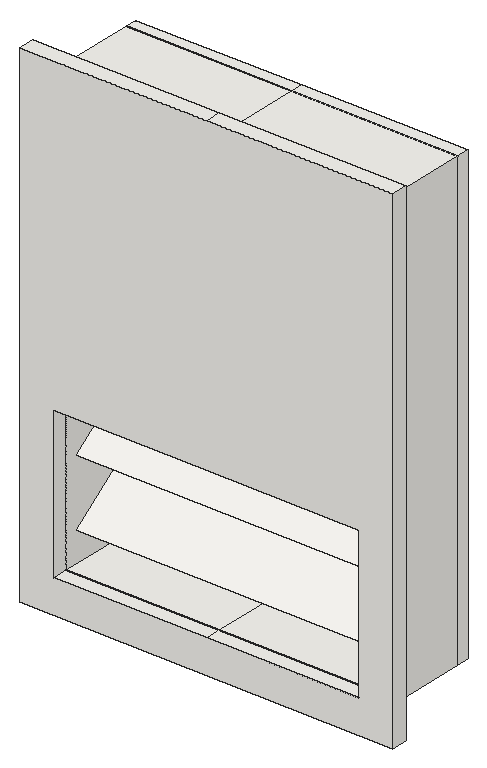
Revit family "DWCB0005_IND", category Generic Models, Revit 2017
Family settings
  Can host rebar = No
  Round Connector Dimension = Use Diameter
  Part Type = Normal
  Work Plane-Based = No
  Always vertical = Yes
  Cut with Voids When Loaded = No
  Shared = No
  Room Calculation Point = No
Parameters
  Website = "https://dolphy.in/"  # constant formula
  Contact number = "+91 9520202035"  # constant formula
  Contact email = "info@dolphy.in"  # constant formula
  Company name = "Dolphy India"  # constant formula
Reference planes
  plane 1 "Center (Front/Back)": y = 0
  plane 2: z = 0
  plane 3 "Center (Left/Right)": x = 0
Forms (mm)
  Extrusion 1, solid, material "SILVER1"
    sketch origin (0, 0, 140) x (1, 0, 0) y (0, 0, 1)
      loop
        line (0, 340) -> (-180, 340) -> (-180, -140) -> (180, -140) -> (180, 340) -> (0, 340)
      loop
        line (0, 37.5) -> (-147.5, 37.5) -> (-147.5, -107.5) -> (0, -107.5) -> (147.5, -107.5) -> (147.5, 37.5) -> (0, 37.5)
    from 100 to 115
  Extrusion 2, solid, material "SILVER1"
    sketch origin (0, 0, 0) x (1, 0, 0) y (0, 0, 1)
      loop
        line (0, 460) -> (-160, 460) -> (-160, 20) -> (160, 20) -> (160, 460) -> (0, 460)
      loop
        line (-147.5, 177.5) -> (-147.5, 32.5) -> (0, 32.5) -> (147.5, 32.5) -> (147.5, 177.5) -> (0, 177.5) -> (-147.5, 177.5)
    from 0 to 100
  Extrusion 3, solid, material "SILVER1"
    sketch origin (0, 0, 0) x (1, 0, 0) y (0, 0, 1)
      loop
        line (0, 460) -> (-160, 460) -> (-160, 20) -> (160, 20) -> (160, 460) -> (0, 460)
    from 0 to 11.68
  Extrusion 4, solid, material "SILVER1"
    sketch origin (0, 0, 0) x (0, 1, 0) y (0, 0, 1)
      loop
        line (-20, 177.5) -> (-88.766, 127.538) -> (-83.766, 127.538) -> (-15, 177.5) -> (-20, 177.5)
    from -147.5 to 147.5
  Extrusion 5, solid, material "SILVER1"
    sketch origin (0, 0, -65) x (0, 1, 0) y (0, 0, 1)
      loop
        line (-20, 177.5) -> (-88.766, 127.538) -> (-83.766, 127.538) -> (-15, 177.5) -> (-20, 177.5)
    from -147.5 to 147.5
Dimensions and locks
  aligned and locked: level to plane 2
